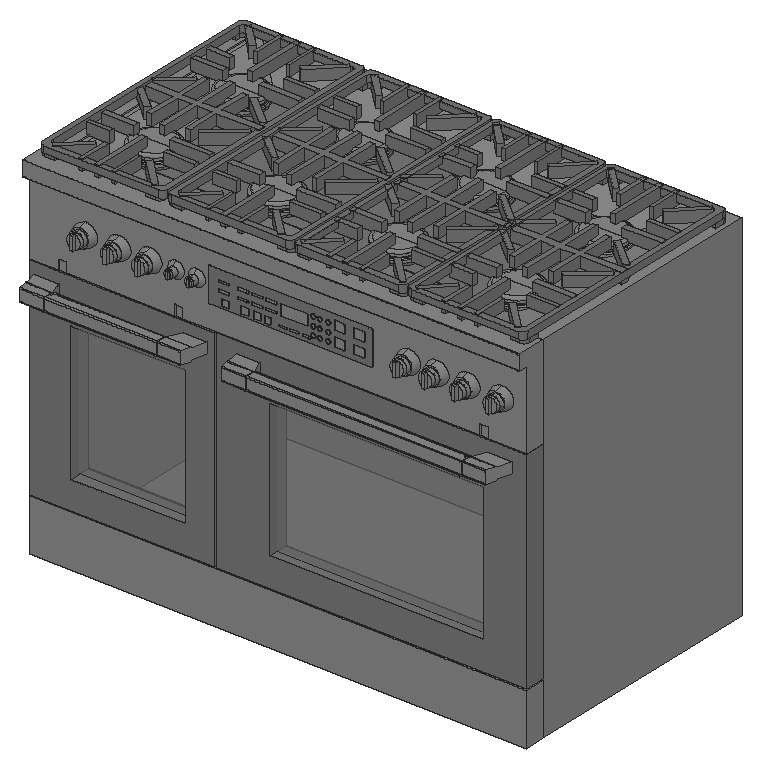
Revit family "DOP48M96D_Revit", category Specialty Equipment, Revit 2014 (continued)
Automatic sketch dimensions
  Revolve 51 sketch curve to Revolve 51 sketch curve = 0.10347"
  Revolve 52 sketch curve to plane 13 = 1 13/32"
  plane 3 "Center (Left/Right)" to Revolve 52 sketch curve = 8"
  Revolve 52 sketch curve to plane 13 = 1.7598"
  Revolve 52 sketch curve to Revolve 52 sketch curve = 0"  (x2)
  Revolve 52 sketch curve to Revolve 52 sketch curve = 0.08277"
  Revolve 52 sketch curve to plane 13 = 1.53602"
  Revolve 52 sketch curve to Revolve 52 sketch curve = 0.047"  (x2)
  Revolve 52 sketch curve to plane 13 = 1.63003"
  Revolve 52 sketch curve to plane 8 = 1.17465"
  Revolve 52 sketch curve to Revolve 52 sketch curve = 0.1853"
  Revolve 52 sketch curve to Revolve 52 sketch curve = 1/4"  (x2)
  Revolve 52 sketch curve to plane 8 = 1.31911"
  Revolve 52 sketch curve to Revolve 52 sketch curve = 0.53915"
  Revolve 52 sketch curve to plane 8 = 2.10556"
  Revolve 52 sketch curve to Revolve 52 sketch curve = 0.45405"
  Revolve 52 sketch curve to Revolve 52 sketch curve = 1.0715"
  Revolve 52 sketch curve to plane 13 = 1 5/32"
  Revolve 52 sketch curve to plane 8 = 1.24028"
  Revolve 52 sketch curve to Revolve 52 sketch curve = 0.10347"
  Revolve 53 sketch curve to plane 13 = 1 13/32"
  Revolve 53 sketch curve to plane 3 "Center (Left/Right)" = 3 3/4"
  Revolve 53 sketch curve to plane 13 = 1.7598"
  Revolve 53 sketch curve to Revolve 53 sketch curve = 0"  (x2)
  Revolve 53 sketch curve to Revolve 53 sketch curve = 0.08277"
  Revolve 53 sketch curve to plane 13 = 1.53602"
  Revolve 53 sketch curve to Revolve 53 sketch curve = 0.047"  (x2)
  Revolve 53 sketch curve to plane 13 = 1.63003"
  Revolve 53 sketch curve to plane 8 = 1.17465"
  Revolve 53 sketch curve to Revolve 53 sketch curve = 0.1853"
  Revolve 53 sketch curve to Revolve 53 sketch curve = 1/4"
  Revolve 53 sketch curve to Revolve 53 sketch curve = 0.0647"
  Revolve 53 sketch curve to plane 8 = 1.31911"
  Revolve 53 sketch curve to Revolve 53 sketch curve = 0.53915"
  Revolve 53 sketch curve to plane 8 = 2.10556"
  Revolve 53 sketch curve to Revolve 53 sketch curve = 0.45405"
  Revolve 53 sketch curve to Revolve 53 sketch curve = 1.0715"
  Revolve 53 sketch curve to plane 13 = 1 5/32"
  Revolve 53 sketch curve to plane 8 = 1.24028"
  Revolve 53 sketch curve to Revolve 53 sketch curve = 0.10347"
  Revolve 54 sketch curve to plane 13 = 1 13/32"
  Revolve 54 sketch curve to plane 3 "Center (Left/Right)" = 3 3/4"
  Revolve 54 sketch curve to plane 13 = 1.7598"
  Revolve 54 sketch curve to Revolve 54 sketch curve = 0"  (x2)
  Revolve 54 sketch curve to Revolve 54 sketch curve = 0.08277"
  Revolve 54 sketch curve to plane 13 = 1.53602"
  Revolve 54 sketch curve to Revolve 54 sketch curve = 0.047"  (x2)
  Revolve 54 sketch curve to plane 13 = 1.63003"
  Revolve 54 sketch curve to plane 8 = 1.17465"
  Revolve 54 sketch curve to Revolve 54 sketch curve = 0.1853"
  Revolve 54 sketch curve to Revolve 54 sketch curve = 1/4"  (x2)
  Revolve 54 sketch curve to plane 8 = 1.31911"
  Revolve 54 sketch curve to Revolve 54 sketch curve = 0.53915"
  Revolve 54 sketch curve to plane 8 = 2.10556"
  Revolve 54 sketch curve to Revolve 54 sketch curve = 0.45405"
  Revolve 54 sketch curve to Revolve 54 sketch curve = 1.0715"
  Revolve 54 sketch curve to plane 13 = 1 5/32"
  Revolve 54 sketch curve to plane 8 = 1.24028"
  Revolve 54 sketch curve to Revolve 54 sketch curve = 0.10347"
  Revolve 55 sketch curve to plane 13 = 1 13/32"
  Revolve 55 sketch curve to plane 7 = 4 1/2"
  Revolve 55 sketch curve to plane 13 = 1.7598"
  Revolve 55 sketch curve to Revolve 55 sketch curve = 0"  (x2)
  Revolve 55 sketch curve to Revolve 55 sketch curve = 0.08277"
  Revolve 55 sketch curve to plane 13 = 1.53602"
  Revolve 55 sketch curve to Revolve 55 sketch curve = 0.047"  (x2)
  Revolve 55 sketch curve to plane 13 = 1.63003"
  Revolve 55 sketch curve to plane 8 = 1.17465"
  Revolve 55 sketch curve to Revolve 55 sketch curve = 0.1853"
  Revolve 55 sketch curve to Revolve 55 sketch curve = 1/4"
  Revolve 55 sketch curve to Revolve 55 sketch curve = 0.0647"
  Revolve 55 sketch curve to plane 8 = 1.31911"
  Revolve 55 sketch curve to Revolve 55 sketch curve = 0.53915"
  Revolve 55 sketch curve to plane 8 = 2.10556"
  Revolve 55 sketch curve to Revolve 55 sketch curve = 0.45405"
  Revolve 55 sketch curve to Revolve 55 sketch curve = 1.0715"
  Revolve 55 sketch curve to plane 13 = 1 5/32"
  Revolve 55 sketch curve to plane 8 = 1.24028"
  Revolve 55 sketch curve to Revolve 55 sketch curve = 0.10347"
  Revolve 56 sketch curve to plane 13 = 1 13/32"
  Revolve 56 sketch curve to plane 7 = 4 1/2"
  Revolve 56 sketch curve to plane 13 = 1.7598"
  Revolve 56 sketch curve to Revolve 56 sketch curve = 0"  (x2)
  Revolve 56 sketch curve to Revolve 56 sketch curve = 0.08277"
  Revolve 56 sketch curve to plane 13 = 1.53602"
  Revolve 56 sketch curve to Revolve 56 sketch curve = 0.047"  (x2)
  Revolve 56 sketch curve to plane 13 = 1.63003"
  Revolve 56 sketch curve to plane 8 = 1.17465"
  Revolve 56 sketch curve to Revolve 56 sketch curve = 0.1853"
  Revolve 56 sketch curve to Revolve 56 sketch curve = 1/4"  (x2)
  Revolve 56 sketch curve to plane 8 = 1.31911"
  Revolve 56 sketch curve to Revolve 56 sketch curve = 0.53915"
  Revolve 56 sketch curve to plane 8 = 2.10556"
  Revolve 56 sketch curve to Revolve 56 sketch curve = 0.45405"
  Revolve 56 sketch curve to Revolve 56 sketch curve = 1.0715"
  Revolve 56 sketch curve to plane 13 = 1 5/32"
  Revolve 56 sketch curve to plane 8 = 1.24028"
  Revolve 56 sketch curve to Revolve 56 sketch curve = 0.10347"
  radius of Extrusion 16 sketch curve = 0.20684"  (x9)
  radius of Extrusion 17 sketch curve to Extrusion 16 = 0"  (x9)
